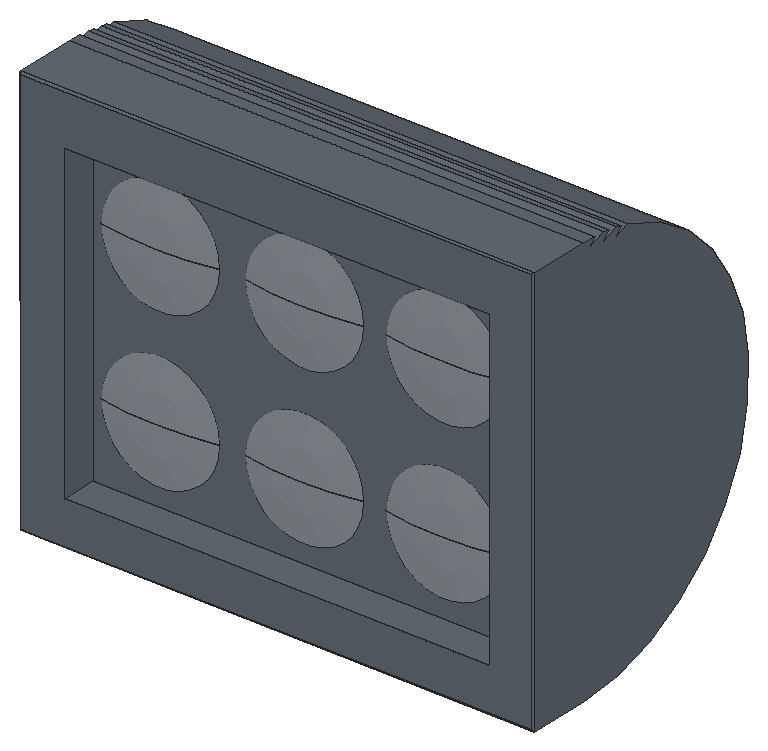
Revit family "KFL1", category Lighting Fixtures, host Face, Revit 2021
Family settings
  Host = Face
  Round Connector Dimension = Use Diameter
  Part Type = Normal
  OmniClass Number = 23.80.70.14.14
  OmniClass Title = Exterior Floodlights
  Cut with Voids When Loaded = No
  Light Source = Yes
  Shared = Yes
  Room Calculation Point = No
Parameters (values of type "KFL1-6L")
  Width 1 = 5.000"
  Width = 11.630"
  Watts = 8 W
  Wattage Comments = "8W"
  Wattage = 8 W
  Warranty = "5 years Warranty"  # constant formula
  built-in parameter 1150110 = 1 (stored number, unit not read)
  Voltage = 120 V
  URL = "https://www.currentlighting.com/kimlighting"
  built-in parameter 1114217 = 1 (stored number, unit not read)
  Tilt Angle = 0.00°
  built-in parameter 1150109 = 1 (stored number, unit not read)
  built-in parameter 1150134 = (empty or 0)
  built-in parameter 1150113 = 1 (stored number, unit not read)
  Reflector Finish = White Glass
  Product Page URL = ""
  Product Doucmentation Link = ""
  Power Factor = 1
  Photometric Web File = "KFL1-6L-8-RGBW-HF.ies"
  Photometric Web Link = ""
  Photometric Note = "For more ies file please find the above Photometric Web Link"
  Model = "KFL1RGBW"
  Manufacturer = "Kim Lighting"  # constant formula
  built-in parameter 1150105 = 38.197 (stored number, unit not read)
  Lumens = 480 lm
  built-in parameter 1150115 = 1 (stored number, unit not read)
  Load Classification = Lighting
  built-in parameter 1150137 = (empty or 0)
  built-in parameter 1150139 = (empty or 0)
  Light DIstributin = "Narrow Spot,Spot,Narrow,Medium,Medium Flood,Wide Flood,Horizonal Flood,Vertical Flood"  # constant formula
  Length = 26.380"
  built-in parameter 1150112 = 1 (stored number, unit not read)
  built-in parameter 1150114 = 1 (stored number, unit not read)
  Lamp = "LED"  # constant formula
  LED = KF : KL-8LED
  built-in parameter 1150132 = (empty or 0)
  built-in parameter 1150102 = (empty or 0)
  built-in parameter 1150107 = 3500 (stored number, unit not read)
  built-in parameter 1150138 = (empty or 0)
  built-in parameter 1150106 = 0.38197 (stored number, unit not read)
  Housing Material = Paint -  Carbon Black
  Features = "Second generation LED 2.0\r\n7 beam patterns, Narrow Spot, Spot, Narrow, Medium, Medium Flood, Horizontal and Vertical distributions generate high efficiencies and outstanding uniformity of illumination.\r\nDie-cast housing with integral cooling ribs promote efficient transfer of heat.\r\nThoughtfully designed mounting accessories thatintegrate into the fixture design.\r\nIP66 sealed optical chamber.\r\nStandard 20kV surge suppression\r\nBroad offering of wireless control options available forperfectly tailored lighting and ability to meet stringentcode requirements.\r\n"  # constant formula
  built-in parameter 1150104 = 5.5742 (stored number, unit not read)
  Dimming Lamp Color Temperature Shift = <None>
  Description = "The Kim Archictural Flood is a striking timeless form seamlessly blends high performance optics, controls, scalability and architectural mounting options that cover a wide variety of applications and enhance their environment."  # constant formula
  Default Elevation = 48.000"
  Copyright = "©  KIM LIGHTING"  # constant formula
  Contact = ""
  Connector Description = "Lighting Connector"  # constant formula
  Color Filter = 16777215
  built-in parameter 1114216 [instance] = (empty or 0)
  Certifications = "UL 1598 , IP66 certified, UL 8750"  # constant formula
  built-in parameter 1114218 = 1 (stored number, unit not read)
  built-in parameter 1150133 = 10 (stored number, unit not read)
  Assembly Code = "D5020200"
  Apparent Load = Watts / Power Factor  # 8 VA
Reference planes (in)
  plane 1 "Center (Front/Back)": y = 0
  plane 2: z = 0
  plane 3 "Center (Left/Right)": x = 0
  plane 4: z = 9.34
Forms (in)
  Extrusion 1, solid, material "Paint -  Carbon Black"
    sketch origin (0, 0, 0) x (1, 0, 0) y (0, 1, 0)
      loop
        circle (0, 0) r 1.5
    from 0 to 0.1
  Extrusion 2, solid, material "Paint -  Carbon Black"
    sketch origin (0, -0.125, 0) x (1, 0, 0) y (0, 1, 0)
      loop
        line (-0.75029, 0.87202) -> (-0.75029, -0.62798) -> (0.74971, -0.62798) -> (0.74971, 0.87202) -> (-0.75029, 0.87202)
    from 0 to 2.34
  Extrusion 3, solid, material "Paint -  Carbon Black"
    sketch origin (0, 0, -0.51562) x (0, 1, 0) y (0, 0, 1)
      loop
        circle (0, 3.60772) r 1
    from -0.75029 to 0.74971
  Revolve 4, solid, material "Paint -  Carbon Black"
    sketch origin (0, 0, 0) x (1, 0, 0) y (0, 0, 1)
      loop
        line (-0.75029, 3.0921) -> (-0.75029, 4.0921)
        arc (-0.75029, 4.0921) -> (-0.89208, 3.60046) -> (-0.95029, 3.0921) r 3.0714
        line (-0.95029, 3.0921) -> (-0.75029, 3.0921)
      loop
        line (0.74971, 3.0921) -> (0.94971, 3.0921)
        arc (0.94971, 3.0921) -> (0.89151, 3.60046) -> (0.74971, 4.0921) r 3.0714
        line (0.74971, 4.0921) -> (0.74971, 3.0921)
      axis (0.94971, 3.0921) -> (-0.95029, 3.0921)
    angle from 0 to 360
Cuts and joins
  joined: Extrusion 1, Extrusion 2, Extrusion 3, Revolve 4
Dimensions and locks (in)
  plane 4 to plane 2 = 9.340"  (x2)
  aligned and locked: plane 2 to host face
  aligned and locked: level to host face
  aligned and locked: imposter light to nested 1
Nested families (in)
  nested 1: "KF" at (-0.02944, -2.31718, 1.84497) x (-1, 0, 0) z (0, 0, 1), type <- "LED", type "KL-8LED"
    with 16L no
Connectors (in)
  electrical at (0, 0, 0), driven by "Load Classification", driven by "Voltage", driven by "Apparent Load", driven by "Power Factor", driven by "Connector Description"
    settings: on cut or joined group of Extrusion 1, Extrusion 2, Extrusion 3, Revolve 4, index 1, voltage 120 V, apparent load 8 VA, apparent load phase1 0 VA, apparent load phase2 0 VA, apparent load phase3 0 VA, power factor 1, load classification "Lighting", number of poles 1, system type 30, power factor state 1, is connector primary yes, connector utility no, sub classification motor no, connector description "Lighting Connector"
Definition of nested family "KF"
  Parameters
    Width = 7.000"
    Length = 8.760"
    LED = none
    Housing = none
    Default Elevation = 0.000"
    8L = yes
    16L = yes
  Reference planes (in)
    plane 1 "Center (Front/Back)": y = 0
    plane 2: z = 0
    plane 3 "Center (Left/Right)": x = 0
    plane 4: x = 4.38
    plane 5: x = -4.38
    plane 6: y = 3.5
    plane 7: y = -3.5
    plane 8: z = 4.5
  Forms (in)
    Extrusion 1, solid, material <- "Housing"
      sketch origin (0, -2.90128, 3.52628) x (0, 0, -1) y (0, 1, 0)
        loop
          arc (3.5, 1) -> (0, 4.5) -> (-3.5, 1) r 3.5
          line (-3.5, 1) -> (3.5, 1)
      from -4.38 to 4.38
    Extrusion 2, solid, material <- "Housing"
      sketch origin (0, 3.94992, -3.32755) x (0, 0.965926, 0.258819) y (0, -0.258819, 0.965926)
        loop
          arc (-1.01882, 4.32864) -> (-0.10323, 4.2081) -> (0.52068, 4.88898) r 1
          line (0.52068, 4.88898) -> (-0.61789, 6.86104)
          arc (-0.61789, 6.86104) -> (-1.04488, 6.0795) -> (-1.65528, 5.43102) r 3.5
          line (-1.65528, 5.43102) -> (-1.01882, 4.32864)
      from -0.5 to 0.5
    Extrusion 3, solid, material <- "Housing"
      sketch origin (0, 0, 0) x (1, 0, 0) y (0, 0, 1)
        loop
          line (-4.38, 7.02628) -> (-4.38, 0.02628) -> (4.38, 0.02628) -> (4.38, 7.02628) -> (-4.38, 7.02628)
      from 1.90128 to 2.98377
    Extrusion 4, void
      sketch origin (0, 0, 0) x (1, 0, 0) y (0, 0, 1)
        loop
          line (3.60511, 6.14327) -> (-3.63, 6.14327) -> (-3.63, 0.78578) -> (3.60511, 0.78578) -> (3.60511, 6.14327)
      from 2.37324 to 2.98377
    Extrusion 5, void
      sketch origin (0, 0, 0) x (0, 1, 0) y (0, 0, 1)
        loop
          line (-1.6795, 7.01925) -> (-1.81661, 6.88214) -> (-1.4879, 7.00178)
          arc (-1.4879, 7.00178) -> (-1.58358, 7.01183) -> (-1.6795, 7.01925) r 3.5
        loop
          line (-1.38384, 6.98782) -> (-1.52576, 6.8459) -> (-1.21619, 6.95857)
          arc (-1.21619, 6.95857) -> (-1.29983, 6.97422) -> (-1.38384, 6.98782) r 3.5
        loop
          line (-1.11634, 6.93713) -> (-1.25692, 6.79655) -> (-0.97136, 6.90048)
          arc (-0.97136, 6.90048) -> (-1.04366, 6.91958) -> (-1.11634, 6.93713) r 3.5
      from -4.38 to 4.38
    Sweep 6, void
      path in 3D
        loop
          line (-4.38, -2.98377, 7.02628) -> (-4.38, -2.98377, 0.02628) -> (4.38, -2.98377, 0.02628) -> (4.38, -2.98377, 7.02628) -> (-4.38, -2.98377, 7.02628)
      profile origin (0, -2.98377, 7.02628) x (0, -1, 0) y (0, 0, 1)
        loop
          line (0, 0) -> (-0.031, 0)
          arc (-0.031, 0) -> (-0.01284, -0.01284) -> (0, -0.031) r 0.06575
          line (0, -0.031) -> (0, 0)
    Revolve 7, solid, material <- "LED", visible <- "8L"
      sketch origin (2.63879, -2.90128, 2.08878) x (-1, 0, 0) y (0, -1, 0)
        loop
          line (2.63879, -0.52804) -> (2.63879, -0.43011)
          arc (2.63879, -0.43011) -> (2.13082, -0.44976) -> (1.62853, -0.52804) r 4.38767
          line (1.62853, -0.52804) -> (2.63879, -0.52804)
        axis (2.63879, -0.52804) -> (2.63879, -0.43011)
      angle from 0 to 360
    Revolve 8, solid, material <- "LED", visible <- "8L"
      sketch origin (0.24326, -2.90128, 2.08878) x (-1, 0, 0) y (0, -1, 0)
        loop
          line (2.63879, -0.52804) -> (2.63879, -0.43011)
          arc (2.63879, -0.43011) -> (2.13082, -0.44976) -> (1.62853, -0.52804) r 4.38767
          line (1.62853, -0.52804) -> (2.63879, -0.52804)
        axis (2.63879, -0.52804) -> (2.63879, -0.43011)
      angle from 0 to 360
    Revolve 9, solid, material <- "LED", visible <- "8L"
      sketch origin (-0.18076, -2.90128, 2.08878) x (1, 0, 0) y (0, 1, 0)
        loop
          line (2.63879, 0.52804) -> (1.62853, 0.52804)
          arc (1.62853, 0.52804) -> (2.13082, 0.44976) -> (2.63879, 0.43011) r 4.38767
          line (2.63879, 0.43011) -> (2.63879, 0.52804)
        axis (2.63879, 0.52804) -> (2.63879, 0.43011)
      angle from 0 to 360
    Revolve 10, solid, material <- "LED", visible <- "8L"
      sketch origin (2.63879, -2.90128, 4.76752) x (-1, 0, 0) y (0, -1, 0)
        loop
          line (2.63879, -0.52804) -> (2.63879, -0.43011)
          arc (2.63879, -0.43011) -> (2.13082, -0.44976) -> (1.62853, -0.52804) r 4.38767
          line (1.62853, -0.52804) -> (2.63879, -0.52804)
        axis (2.63879, -0.52804) -> (2.63879, -0.43011)
      angle from 0 to 360
    Revolve 11, solid, material <- "LED", visible <- "8L"
      sketch origin (0.24326, -2.90128, 4.76752) x (-1, 0, 0) y (0, -1, 0)
        loop
          line (2.63879, -0.52804) -> (2.63879, -0.43011)
          arc (2.63879, -0.43011) -> (2.13082, -0.44976) -> (1.62853, -0.52804) r 4.38767
          line (1.62853, -0.52804) -> (2.63879, -0.52804)
        axis (2.63879, -0.52804) -> (2.63879, -0.43011)
      angle from 0 to 360
    Revolve 12, solid, material <- "LED", visible <- "8L"
      sketch origin (-0.18076, -2.90128, 4.76752) x (1, 0, 0) y (0, 1, 0)
        loop
          line (2.63879, 0.52804) -> (1.62853, 0.52804)
          arc (1.62853, 0.52804) -> (2.13082, 0.44976) -> (2.63879, 0.43011) r 4.38767
          line (2.63879, 0.43011) -> (2.63879, 0.52804)
        axis (2.63879, 0.52804) -> (2.63879, 0.43011)
      angle from 0 to 360
  Cuts and joins
    Extrusion 4, Extrusion 5, Sweep 6 cuts Extrusion 1
    Extrusion 4, Sweep 6 cuts Extrusion 3
    joined: Extrusion 1, Extrusion 3
  Lines and regions (in)
    sketch lines
      curve 1: line (4.38, -2.98377, 7.02628) -> (-4.38, -2.98377, 7.02628)
      curve 2: line (4.38, -2.98377, 0.02628) -> (4.38, -2.98377, 7.02628)
      curve 3: line (-4.38, -2.98377, 0.02628) -> (4.38, -2.98377, 0.02628)
      curve 4: line (-4.38, -2.98377, 7.02628) -> (-4.38, -2.98377, 0.02628)
  Dimensions and locks (in)
    "Length": plane 5 to plane 4
    "Width": plane 7 to plane 6
    equal spacing: plane 7, plane 1 "Center (Front/Back)", plane 6
    equal spacing: plane 5, plane 3 "Center (Left/Right)", plane 4
    plane 8 to plane 2 = 4.500"
    aligned and locked: plane 2 to level
    aligned and locked: Extrusion 1 to plane 5
    aligned and locked: plane 4 to Extrusion 1
    aligned and locked: cut or joined group of Extrusion 1, Extrusion 3, Extrusion 4, Extrusion 5, Sweep 6 to Extrusion 5  (x2)
  Automatic sketch dimensions
    plane 8 to Extrusion 1 sketch curve = 2.52628"
    Extrusion 1 sketch curve to plane 8 = 0.97372"
    Extrusion 1 sketch curve to plane 7 = 1.59872"
    Extrusion 2 sketch curve to plane 8 = 0.97372"
    Extrusion 2 sketch curve to plane 7 = 1.59872"
    Extrusion 2 sketch curve to Extrusion 2 sketch curve = 2.22264"
    Extrusion 2 sketch curve to Extrusion 2 sketch curve = 0.63646"
    Extrusion 2 sketch curve to Extrusion 2 sketch curve = 1.03739"
    Extrusion 2 sketch curve to Extrusion 2 sketch curve = 0.57358"
    Extrusion 2 sketch curve to Extrusion 2 sketch curve = 0.96593"
    Extrusion 2 sketch curve to Extrusion 2 sketch curve = 1.27365"
    Extrusion 2 sketch curve to Extrusion 2 sketch curve = 0.28323"
    Extrusion 2 sketch curve to Extrusion 2 sketch curve = 0.25882"
    Extrusion 3 sketch curve to plane 5 = 0.000"
    Extrusion 3 sketch curve to plane 4 = 0.000"
    level to Extrusion 3 sketch curve = 0.02628"
    plane 8 to Extrusion 3 sketch curve = 2.52628"
    plane 5 to Extrusion 4 sketch curve = 0.750"
    Extrusion 4 sketch curve to plane 4 = 0.77489"
    level to Extrusion 4 sketch curve = 0.78578"
    plane 8 to Extrusion 4 sketch curve = 1.64327"
    Extrusion 5 sketch curve to Extrusion 5 sketch curve = 0.000"  (x6)
    Extrusion 5 sketch curve to plane 7 = 1.59872"
    Extrusion 5 sketch curve to plane 7 = 1.68339"
    Extrusion 5 sketch curve to Extrusion 5 sketch curve = 0.1371"
    Extrusion 5 sketch curve to Extrusion 5 sketch curve = 0.15374"
    Extrusion 5 sketch curve to Extrusion 5 sketch curve = 0.03786"
    Extrusion 5 sketch curve to Extrusion 5 sketch curve = 0.10406"
    Extrusion 5 sketch curve to Extrusion 5 sketch curve = 0.12692"
    Extrusion 5 sketch curve to Extrusion 5 sketch curve = 0.04074"
    Extrusion 5 sketch curve to Extrusion 5 sketch curve = 0.09984"
    Extrusion 5 sketch curve to Extrusion 5 sketch curve = 0.14498"
    Extrusion 5 sketch curve to plane 8 = 0.97372"
    plane 8 to Extrusion 5 sketch curve = 2.29655"
    Extrusion 5 sketch curve to Extrusion 5 sketch curve = 0.04935"
    Extrusion 5 sketch curve to Extrusion 5 sketch curve = 0.03625"
    Extrusion 5 sketch curve to Extrusion 5 sketch curve = 0.10393"
    Extrusion 5 sketch curve to Extrusion 5 sketch curve = 0.02145"
    Extrusion 5 sketch curve to Extrusion 5 sketch curve = 0.01396"
    Sweep 6 sketch curve to profile plane = 0.000"  (x2)
    profile plane to Sweep 6 sketch curve = 0.031"
    profile plane to Sweep 6 sketch curve = 0.05933"
    Sweep 6 sketch curve to profile plane = 0.031"
    Revolve 7 sketch curve to plane 3 "Center (Left/Right)" = 0.000"  (x2)
    plane 3 "Center (Left/Right)" to Revolve 7 sketch curve = 0.08466"
    plane 3 "Center (Left/Right)" to Revolve 7 sketch curve = 1.01027"
    plane 6 to Revolve 7 sketch curve = 1.58432"
    Revolve 7 sketch curve to plane 7 = 1.12676"
    Revolve 7 sketch curve to Revolve 7 sketch curve = 0.000"
    Revolve 7 sketch curve to Revolve 7 sketch curve = 0.12061"
    Revolve 8 sketch curve to plane 3 "Center (Left/Right)" = 1.38527"
    plane 5 to Revolve 8 sketch curve = 2.06912"
    Revolve 8 sketch curve to Revolve 8 sketch curve = 1.01027"
    plane 6 to Revolve 8 sketch curve = 1.58432"
    Revolve 8 sketch curve to plane 7 = 1.12676"
    Revolve 8 sketch curve to Revolve 8 sketch curve = 0.000"  (x2)
    Revolve 8 sketch curve to Revolve 8 sketch curve = 0.12061"
    plane 3 "Center (Left/Right)" to Revolve 9 sketch curve = 1.44777"
    Revolve 9 sketch curve to plane 4 = 2.00662"
    Revolve 9 sketch curve to Revolve 9 sketch curve = 1.01027"
    Revolve 9 sketch curve to plane 7 = 1.02883"
    Revolve 9 sketch curve to Revolve 9 sketch curve = 0.09793"
    Revolve 9 sketch curve to Revolve 9 sketch curve = 0.000"  (x2)
    Revolve 9 sketch curve to Revolve 9 sketch curve = 0.12061"
    Revolve 10 sketch curve to plane 3 "Center (Left/Right)" = 0.000"  (x2)
    plane 3 "Center (Left/Right)" to Revolve 10 sketch curve = 0.08466"
    plane 3 "Center (Left/Right)" to Revolve 10 sketch curve = 1.01027"
    plane 6 to Revolve 10 sketch curve = 1.58432"
    Revolve 10 sketch curve to plane 7 = 1.12676"
    Revolve 10 sketch curve to Revolve 10 sketch curve = 0.000"
    Revolve 10 sketch curve to Revolve 10 sketch curve = 0.12061"
    Revolve 11 sketch curve to plane 3 "Center (Left/Right)" = 1.38527"
    plane 5 to Revolve 11 sketch curve = 2.06912"
    Revolve 11 sketch curve to Revolve 11 sketch curve = 1.01027"
    plane 6 to Revolve 11 sketch curve = 1.58432"
    Revolve 11 sketch curve to plane 7 = 1.12676"
    Revolve 11 sketch curve to Revolve 11 sketch curve = 0.000"  (x2)
    Revolve 11 sketch curve to Revolve 11 sketch curve = 0.12061"
    plane 3 "Center (Left/Right)" to Revolve 12 sketch curve = 1.44777"
    Revolve 12 sketch curve to plane 4 = 2.00662"
    Revolve 12 sketch curve to Revolve 12 sketch curve = 1.01027"
    Revolve 12 sketch curve to plane 7 = 1.02883"
    Revolve 12 sketch curve to Revolve 12 sketch curve = 0.09793"
    Revolve 12 sketch curve to Revolve 12 sketch curve = 0.000"  (x2)
    Revolve 12 sketch curve to Revolve 12 sketch curve = 0.12061"
